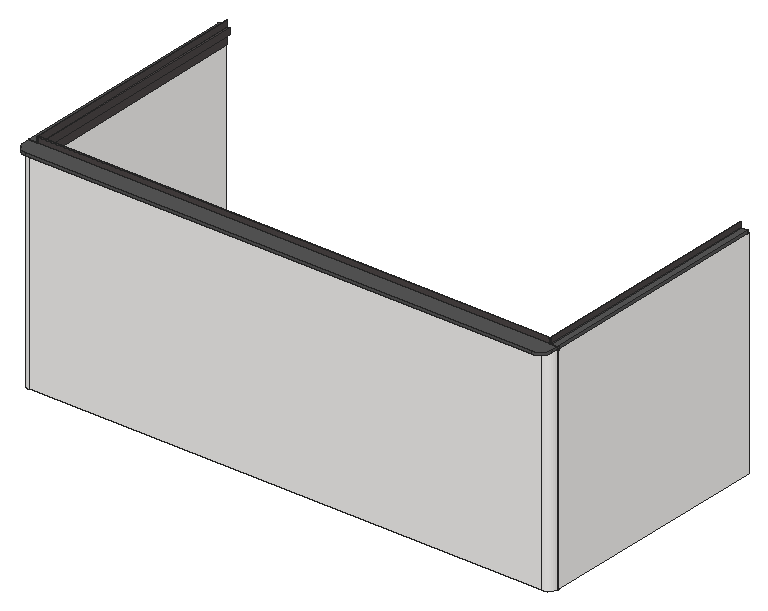
Revit family "vanity unit with 1 drawers for consoles with countertop basin ground", category Furniture, Revit 2019 (continued)
  Vanity unit 780_550 with 1 drawer for consoles with countertop basin ground-54054000-High Gloss White-CHROME-200 | "25.7" | no | no | no | no | no | no | no | no | no | no | no | no | no | no | no | no | no | no | no | no | no | no | no | no | no | no | no | no | no | no | no | no | no | no | no | no | no | no | no | no | no | no | no | no | no | no | no | yes | no | no | no | no | no | no | no | no | no | no | no | no | no | no | no | no | no | no | no | no | no | no | no | no | "CHROME" | "Surfaces:  - 54054000 Chrome - 54054670 Matt Black - 54054700 Matt White   Specification:  • consists of: vanity unit, 1 basic boxes set  • material body: medium density fiberboard (MDF)  • surface material body: thermofoil  • material front: medium density fiberboard (MDF)  • 1 drawer • without siphon cutout • opening type: full pull-out  • with handle bar • material handles: aluminium  • SoftClose, for gentle closing • wall-mounted • suitable for console, countertop basin ground • washbasin and console must be ordered separately" | "Worldwide" | "https://pro.hansgrohe.com/articledetail--54054000" | "54054XXX" | "High Gloss White" | "Vanity unit 780/550 with 1 drawer for consoles with countertop basin ground-54054000-High Gloss White-CHROME-200" | "Xelu Q Vanity unit High Gloss White 780/550 with 1 drawer for consoles with countertop basin ground" | "Vanity unit 780/550 with 1 drawer for consoles with countertop basin ground-54054000-High Gloss White-CHROME-200" | "{$CADENAS_DATA/23d-libs/hansgrohe/xelu_furniture/vanity_unit_with_1_drawer_for_consoles_countertop/vanityunit_1_drawers_for_consoles_countertop.prj},434 {VTYP=3D},{NB=Vanity unit 780/550 with 1 drawer for consoles with countertop basin ground-54054000-High Gloss White-CHROME-200},{LINA=Vanity unit 780/550 with 1 drawer for consoles with countertop basin ground-54054000-High Gloss White-CHROME-200},{NN=Vanity Unit with 1 Drawers for consoles with countertop basin ground},{DATE=13.03.2023 03:04:52},{GEOMDATE=08.03.2023 14:00:04},{VERSION=},{LINEID=20},{WBVAR=LODLEVEL},{WBNUMERIC=}  {NB=Vanity unit 780/550 with 1 drawer for consoles with countertop basin ground-54054000-High Gloss White-CHROME-200},{LINA=Vanity unit 780/550 with 1 drawer for consoles with countertop basin ground-54054000-High Gloss White-CHROME-200},{KT=DUMMY},{IDNR=2},{ARTNR=54054000},{BASENUMBER=Vanity unit 780/550 with 1 drawer for consoles with countertop basin ground},{MODEL=54054XXX},{OBERFLAECHE=High Gloss White},{SURFACE=CHROME},{L=780},{LODLEVEL=200},{LODLEVELX='400','400','200','200'},{NAME=Xelu Q Vanity unit High Gloss White 780/550 with 1 drawer for consoles with countertop basin ground},{PERMALINK=54054XXX},{OBJECTTYPE=Object (single object)},{BIMOBJECT=Sanitary: Compound units},{PRODUCTFAMILY=Xelu Q},{PRODUCTGROUP=vanity unit},{WEIGHT=25.7},{DESCRIPTION=Xelu Q Vanity unit High Gloss White 780/550 with 1 drawer for consoles with countertop basin ground},{SPECIFICATION=Surfaces:  - 54054000 Chrome - 54054670 Matt Black - 54054700 Matt White   Specification:  • consists of: vanity unit, 1 basic boxes set  • material body: medium density fiberboard (MDF)  • surface material body: thermofoil  • material front: medium density fiberboard (MDF)  • 1 drawer • without siphon cutout • opening type: full pull-out  • with handle bar • material handles: aluminium  • SoftClose, for gentle closing • wall-mounted • suitable for console, countertop basin ground • washbasin and console must be ordered separately},{PRODUCTURL=https://pro.hansgrohe.com/articledetail--54054000},{GTINCODE=4059625455937},{TENDERURL=},{IFC=Furnishing element},{ETIM=EC011381 | Bathroom furniture set},{UNICLASS2015=Pr_40_30_78_05 | Bathroom furniture},{OMNICLASS=23-21 19 15 33 13 | Residential Bathroom Specialty Casework},{MASTERFORMAT=12 35 30.23 | Bathroom Casework},{UNSPSC=56 | Furniture and Furnishings},{UNIFORMATII=E2010 | Fixed Furnishings},{REGIONSET=Worldwide},{DESIGN=Germany},{MANUFACTURER=Germany}" | "200" | "Vanity unit 780/550 with 1 drawer for consoles with countertop basin ground-54054000-High Gloss White-CHROME-200" | 780 | "4059625455937" | "Vanity unit 780/550 with 1 drawer for consoles with countertop basin ground" | "54054000"
  Vanity unit 780_550 with 1 drawer for consoles with countertop basin ground-54054000-High Gloss White-CHROME-400 | "25.7" | no | no | no | no | no | no | no | no | no | no | no | no | no | no | no | no | no | no | no | no | no | no | no | no | no | no | no | no | no | no | no | no | no | no | no | no | no | no | no | no | no | no | no | no | no | no | yes | no | no | no | no | no | no | no | no | no | no | no | no | no | no | no | no | no | no | no | no | no | no | no | no | no | "CHROME" | "Surfaces:  - 54054000 Chrome - 54054670 Matt Black - 54054700 Matt White   Specification:  • consists of: vanity unit, 1 basic boxes set  • material body: medium density fiberboard (MDF)  • surface material body: thermofoil  • material front: medium density fiberboard (MDF)  • 1 drawer • without siphon cutout • opening type: full pull-out  • with handle bar • material handles: aluminium  • SoftClose, for gentle closing • wall-mounted • suitable for console, countertop basin ground • washbasin and console must be ordered separately" | "Worldwide" | "https://pro.hansgrohe.com/articledetail--54054000" | "54054XXX" | "High Gloss White" | "Vanity unit 780/550 with 1 drawer for consoles with countertop basin ground-54054000-High Gloss White-CHROME-400" | "Xelu Q Vanity unit High Gloss White 780/550 with 1 drawer for consoles with countertop basin ground" | "Vanity unit 780/550 with 1 drawer for consoles with countertop basin ground-54054000-High Gloss White-CHROME-400" | "{$CADENAS_DATA/23d-libs/hansgrohe/xelu_furniture/vanity_unit_with_1_drawer_for_consoles_countertop/vanityunit_1_drawers_for_consoles_countertop.prj},434 {VTYP=3D},{NB=Vanity unit 780/550 with 1 drawer for consoles with countertop basin ground-54054000-High Gloss White-CHROME-400},{LINA=Vanity unit 780/550 with 1 drawer for consoles with countertop basin ground-54054000-High Gloss White-CHROME-400},{NN=Vanity Unit with 1 Drawers for consoles with countertop basin ground},{DATE=13.03.2023 03:04:52},{GEOMDATE=08.03.2023 14:00:04},{VERSION=},{LINEID=20},{WBVAR=LODLEVEL},{WBNUMERIC=}  {NB=Vanity unit 780/550 with 1 drawer for consoles with countertop basin ground-54054000-High Gloss White-CHROME-400},{LINA=Vanity unit 780/550 with 1 drawer for consoles with countertop basin ground-54054000-High Gloss White-CHROME-400},{KT=DUMMY},{IDNR=2},{ARTNR=54054000},{BASENUMBER=Vanity unit 780/550 with 1 drawer for consoles with countertop basin ground},{MODEL=54054XXX},{OBERFLAECHE=High Gloss White},{SURFACE=CHROME},{L=780},{LODLEVEL=400},{LODLEVELX='400','400','200','200'},{NAME=Xelu Q Vanity unit High Gloss White 780/550 with 1 drawer for consoles with countertop basin ground},{PERMALINK=54054XXX},{OBJECTTYPE=Object (single object)},{BIMOBJECT=Sanitary: Compound units},{PRODUCTFAMILY=Xelu Q},{PRODUCTGROUP=vanity unit},{WEIGHT=25.7},{DESCRIPTION=Xelu Q Vanity unit High Gloss White 780/550 with 1 drawer for consoles with countertop basin ground},{SPECIFICATION=Surfaces:  - 54054000 Chrome - 54054670 Matt Black - 54054700 Matt White   Specification:  • consists of: vanity unit, 1 basic boxes set  • material body: medium density fiberboard (MDF)  • surface material body: thermofoil  • material front: medium density fiberboard (MDF)  • 1 drawer • without siphon cutout • opening type: full pull-out  • with handle bar • material handles: aluminium  • SoftClose, for gentle closing • wall-mounted • suitable for console, countertop basin ground • washbasin and console must be ordered separately},{PRODUCTURL=https://pro.hansgrohe.com/articledetail--54054000},{GTINCODE=4059625455937},{TENDERURL=},{IFC=Furnishing element},{ETIM=EC011381 | Bathroom furniture set},{UNICLASS2015=Pr_40_30_78_05 | Bathroom furniture},{OMNICLASS=23-21 19 15 33 13 | Residential Bathroom Specialty Casework},{MASTERFORMAT=12 35 30.23 | Bathroom Casework},{UNSPSC=56 | Furniture and Furnishings},{UNIFORMATII=E2010 | Fixed Furnishings},{REGIONSET=Worldwide},{DESIGN=Germany},{MANUFACTURER=Germany}" | "400" | "Vanity unit 780/550 with 1 drawer for consoles with countertop basin ground-54054000-High Gloss White-CHROME-400" | 780 | "4059625455937" | "Vanity unit 780/550 with 1 drawer for consoles with countertop basin ground" | "54054000"
  Vanity unit 780_550 with 1 drawer for consoles with countertop basin ground-54054670-High Gloss White-MATT_BLACK-200 | "25.7" | no | no | no | no | no | no | no | no | no | no | no | no | no | no | no | no | no | no | no | no | no | no | no | no | no | no | no | no | no | no | no | no | no | no | no | no | no | no | no | no | no | no | no | no | no | yes | no | no | no | no | no | no | no | no | no | no | no | no | no | no | no | no | no | no | no | no | no | no | no | no | no | no | "MATT_BLACK" | "Surfaces:  - 54054000 Chrome - 54054670 Matt Black - 54054700 Matt White   Specification:  • consists of: vanity unit, 1 basic boxes set  • material body: medium density fiberboard (MDF)  • surface material body: thermofoil  • material front: medium density fiberboard (MDF)  • 1 drawer • without siphon cutout • opening type: full pull-out  • with handle bar • material handles: aluminium  • SoftClose, for gentle closing • wall-mounted • suitable for console, countertop basin ground • washbasin and console must be ordered separately" | "" | "https://pro.hansgrohe.com/articledetail--54054000" | "54054XXX" | "High Gloss White" | "Vanity unit 780/550 with 1 drawer for consoles with countertop basin ground-54054670-High Gloss White-MATT_BLACK-200" | "Xelu Q Vanity unit High Gloss White 780/550 with 1 drawer for consoles with countertop basin ground" | "Vanity unit 780/550 with 1 drawer for consoles with countertop basin ground-54054670-High Gloss White-MATT_BLACK-200" | "{$CADENAS_DATA/23d-libs/hansgrohe/xelu_furniture/vanity_unit_with_1_drawer_for_consoles_countertop/vanityunit_1_drawers_for_consoles_countertop.prj},442 {VTYP=3D},{NB=Vanity unit 780/550 with 1 drawer for consoles with countertop basin ground-54054670-High Gloss White-MATT_BLACK-200},{LINA=Vanity unit 780/550 with 1 drawer for consoles with countertop basin ground-54054670-High Gloss White-MATT_BLACK-200},{NN=Vanity Unit with 1 Drawers for consoles with countertop basin ground},{DATE=13.03.2023 03:04:52},{GEOMDATE=08.03.2023 14:00:04},{VERSION=},{LINEID=10},{WBVAR=LODLEVEL},{WBNUMERIC=}  {NB=Vanity unit 780/550 with 1 drawer for consoles with countertop basin ground-54054670-High Gloss White-MATT_BLACK-200},{LINA=Vanity unit 780/550 with 1 drawer for consoles with countertop basin ground-54054670-High Gloss White-MATT_BLACK-200},{KT=DUMMY},{IDNR=1},{ARTNR=54054670},{BASENUMBER=Vanity unit 780/550 with 1 drawer for consoles with countertop basin ground},{MODEL=54054XXX},{OBERFLAECHE=High Gloss White},{SURFACE=MATT_BLACK},{L=780},{LODLEVEL=200},{LODLEVELX='400','400','200','200'},{NAME=Xelu Q Vanity unit High Gloss White 780/550 with 1 drawer for consoles with countertop basin ground},{PERMALINK=54054XXX},{OBJECTTYPE=Object (single object)},{BIMOBJECT=Sanitary: Compound units},{PRODUCTFAMILY=Xelu Q},{PRODUCTGROUP=vanity unit},{WEIGHT=25.7},{DESCRIPTION=Xelu Q Vanity unit High Gloss White 780/550 with 1 drawer for consoles with countertop basin ground},{SPECIFICATION=Surfaces:  - 54054000 Chrome - 54054670 Matt Black - 54054700 Matt White   Specification:  • consists of: vanity unit, 1 basic boxes set  • material body: medium density fiberboard (MDF)  • surface material body: thermofoil  • material front: medium density fiberboard (MDF)  • 1 drawer • without siphon cutout • opening type: full pull-out  • with handle bar • material handles: aluminium  • SoftClose, for gentle closing • wall-mounted • suitable for console, countertop basin ground • washbasin and console must be ordered separately},{PRODUCTURL=https://pro.hansgrohe.com/articledetail--54054000},{GTINCODE=4059625455937},{TENDERURL=},{IFC=Furnishing element},{ETIM=EC011381 | Bathroom furniture set},{UNICLASS2015=Pr_40_30_78_05 | Bathroom furniture},{OMNICLASS=23-21 19 15 33 13 | Residential Bathroom Specialty Casework},{MASTERFORMAT=12 35 30.23 | Bathroom Casework},{UNSPSC=56 | Furniture and Furnishings},{UNIFORMATII=E2010 | Fixed Furnishings},{REGIONSET=},{DESIGN=Germany},{MANUFACTURER=Germany}" | "200" | "Vanity unit 780/550 with 1 drawer for consoles with countertop basin ground-54054670-High Gloss White-MATT_BLACK-200" | 780 | "4059625455937" | "Vanity unit 780/550 with 1 drawer for consoles with countertop basin ground" | "54054670"
  Vanity unit 780_550 with 1 drawer for consoles with countertop basin ground-54054670-High Gloss White-MATT_BLACK-400 | "25.7" | no | no | no | no | no | no | no | no | no | no | no | no | no | no | no | no | no | no | no | no | no | no | no | no | no | no | no | no | no | no | no | no | no | no | no | no | no | no | no | no | no | no | no | no | yes | no | no | no | no | no | no | no | no | no | no | no | no | no | no | no | no | no | no | no | no | no | no | no | no | no | no | no | "MATT_BLACK" | "Surfaces:  - 54054000 Chrome - 54054670 Matt Black - 54054700 Matt White   Specification:  • consists of: vanity unit, 1 basic boxes set  • material body: medium density fiberboard (MDF)  • surface material body: thermofoil  • material front: medium density fiberboard (MDF)  • 1 drawer • without siphon cutout • opening type: full pull-out  • with handle bar • material handles: aluminium  • SoftClose, for gentle closing • wall-mounted • suitable for console, countertop basin ground • washbasin and console must be ordered separately" | "" | "https://pro.hansgrohe.com/articledetail--54054000" | "54054XXX" | "High Gloss White" | "Vanity unit 780/550 with 1 drawer for consoles with countertop basin ground-54054670-High Gloss White-MATT_BLACK-400" | "Xelu Q Vanity unit High Gloss White 780/550 with 1 drawer for consoles with countertop basin ground" | "Vanity unit 780/550 with 1 drawer for consoles with countertop basin ground-54054670-High Gloss White-MATT_BLACK-400" | "{$CADENAS_DATA/23d-libs/hansgrohe/xelu_furniture/vanity_unit_with_1_drawer_for_consoles_countertop/vanityunit_1_drawers_for_consoles_countertop.prj},442 {VTYP=3D},{NB=Vanity unit 780/550 with 1 drawer for consoles with countertop basin ground-54054670-High Gloss White-MATT_BLACK-400},{LINA=Vanity unit 780/550 with 1 drawer for consoles with countertop basin ground-54054670-High Gloss White-MATT_BLACK-400},{NN=Vanity Unit with 1 Drawers for consoles with countertop basin ground},{DATE=13.03.2023 03:04:52},{GEOMDATE=08.03.2023 14:00:04},{VERSION=},{LINEID=10},{WBVAR=LODLEVEL},{WBNUMERIC=}  {NB=Vanity unit 780/550 with 1 drawer for consoles with countertop basin ground-54054670-High Gloss White-MATT_BLACK-400},{LINA=Vanity unit 780/550 with 1 drawer for consoles with countertop basin ground-54054670-High Gloss White-MATT_BLACK-400},{KT=DUMMY},{IDNR=1},{ARTNR=54054670},{BASENUMBER=Vanity unit 780/550 with 1 drawer for consoles with countertop basin ground},{MODEL=54054XXX},{OBERFLAECHE=High Gloss White},{SURFACE=MATT_BLACK},{L=780},{LODLEVEL=400},{LODLEVELX='400','400','200','200'},{NAME=Xelu Q Vanity unit High Gloss White 780/550 with 1 drawer for consoles with countertop basin ground},{PERMALINK=54054XXX},{OBJECTTYPE=Object (single object)},{BIMOBJECT=Sanitary: Compound units},{PRODUCTFAMILY=Xelu Q},{PRODUCTGROUP=vanity unit},{WEIGHT=25.7},{DESCRIPTION=Xelu Q Vanity unit High Gloss White 780/550 with 1 drawer for consoles with countertop basin ground},{SPECIFICATION=Surfaces:  - 54054000 Chrome - 54054670 Matt Black - 54054700 Matt White   Specification:  • consists of: vanity unit, 1 basic boxes set  • material body: medium density fiberboard (MDF)  • surface material body: thermofoil  • material front: medium density fiberboard (MDF)  • 1 drawer • without siphon cutout • opening type: full pull-out  • with handle bar • material handles: aluminium  • SoftClose, for gentle closing • wall-mounted • suitable for console, countertop basin ground • washbasin and console must be ordered separately},{PRODUCTURL=https://pro.hansgrohe.com/articledetail--54054000},{GTINCODE=4059625455937},{TENDERURL=},{IFC=Furnishing element},{ETIM=EC011381 | Bathroom furniture set},{UNICLASS2015=Pr_40_30_78_05 | Bathroom furniture},{OMNICLASS=23-21 19 15 33 13 | Residential Bathroom Specialty Casework},{MASTERFORMAT=12 35 30.23 | Bathroom Casework},{UNSPSC=56 | Furniture and Furnishings},{UNIFORMATII=E2010 | Fixed Furnishings},{REGIONSET=},{DESIGN=Germany},{MANUFACTURER=Germany}" | "400" | "Vanity unit 780/550 with 1 drawer for consoles with countertop basin ground-54054670-High Gloss White-MATT_BLACK-400" | 780 | "4059625455937" | "Vanity unit 780/550 with 1 drawer for consoles with countertop basin ground" | "54054670"
  Vanity unit 780_550 with 1 drawer for consoles with countertop basin ground-54054700-High Gloss White-MATT_WHITE-200 | "25.7" | no | no | no | no | no | no | no | no | no | no | no | no | no | no | no | no | no | no | no | no | no | no | no | no | no | no | no | no | no | no | no | no | no | no | no | no | no | no | no | no | no | no | no | yes | no | no | no | no | no | no | no | no | no | no | no | no | no | no | no | no | no | no | no | no | no | no | no | no | no | no | no | no | "MATT_WHITE" | "Surfaces:  - 54054000 Chrome - 54054670 Matt Black - 54054700 Matt White   Specification:  • consists of: vanity unit, 1 basic boxes set  • material body: medium density fiberboard (MDF)  • surface material body: thermofoil  • material front: medium density fiberboard (MDF)  • 1 drawer • without siphon cutout • opening type: full pull-out  • with handle bar • material handles: aluminium  • SoftClose, for gentle closing • wall-mounted • suitable for console, countertop basin ground • washbasin and console must be ordered separately" | "Worldwide" | "https://pro.hansgrohe.com/articledetail--54054000" | "54054XXX" | "High Gloss White" | "Vanity unit 780/550 with 1 drawer for consoles with countertop basin ground-54054700-High Gloss White-MATT_WHITE-200" | "Xelu Q Vanity unit High Gloss White 780/550 with 1 drawer for consoles with countertop basin ground" | "Vanity unit 780/550 with 1 drawer for consoles with countertop basin ground-54054700-High Gloss White-MATT_WHITE-200" | "{$CADENAS_DATA/23d-libs/hansgrohe/xelu_furniture/vanity_unit_with_1_drawer_for_consoles_countertop/vanityunit_1_drawers_for_consoles_countertop.prj},442 {VTYP=3D},{NB=Vanity unit 780/550 with 1 drawer for consoles with countertop basin ground-54054700-High Gloss White-MATT_WHITE-200},{LINA=Vanity unit 780/550 with 1 drawer for consoles with countertop basin ground-54054700-High Gloss White-MATT_WHITE-200},{NN=Vanity Unit with 1 Drawers for consoles with countertop basin ground},{DATE=13.03.2023 03:04:52},{GEOMDATE=08.03.2023 14:00:04},{VERSION=},{LINEID=30},{WBVAR=LODLEVEL},{WBNUMERIC=}  {NB=Vanity unit 780/550 with 1 drawer for consoles with countertop basin ground-54054700-High Gloss White-MATT_WHITE-200},{LINA=Vanity unit 780/550 with 1 drawer for consoles with countertop basin ground-54054700-High Gloss White-MATT_WHITE-200},{KT=DUMMY},{IDNR=3},{ARTNR=54054700},{BASENUMBER=Vanity unit 780/550 with 1 drawer for consoles with countertop basin ground},{MODEL=54054XXX},{OBERFLAECHE=High Gloss White},{SURFACE=MATT_WHITE},{L=780},{LODLEVEL=200},{LODLEVELX='400','400','200','200'},{NAME=Xelu Q Vanity unit High Gloss White 780/550 with 1 drawer for consoles with countertop basin ground},{PERMALINK=54054XXX},{OBJECTTYPE=Object (single object)},{BIMOBJECT=Sanitary: Compound units},{PRODUCTFAMILY=Xelu Q},{PRODUCTGROUP=vanity unit},{WEIGHT=25.7},{DESCRIPTION=Xelu Q Vanity unit High Gloss White 780/550 with 1 drawer for consoles with countertop basin ground},{SPECIFICATION=Surfaces:  - 54054000 Chrome - 54054670 Matt Black - 54054700 Matt White   Specification:  • consists of: vanity unit, 1 basic boxes set  • material body: medium density fiberboard (MDF)  • surface material body: thermofoil  • material front: medium density fiberboard (MDF)  • 1 drawer • without siphon cutout • opening type: full pull-out  • with handle bar • material handles: aluminium  • SoftClose, for gentle closing • wall-mounted • suitable for console, countertop basin ground • washbasin and console must be ordered separately},{PRODUCTURL=https://pro.hansgrohe.com/articledetail--54054000},{GTINCODE=4059625455937},{TENDERURL=},{IFC=Furnishing element},{ETIM=EC011381 | Bathroom furniture set},{UNICLASS2015=Pr_40_30_78_05 | Bathroom furniture},{OMNICLASS=23-21 19 15 33 13 | Residential Bathroom Specialty Casework},{MASTERFORMAT=12 35 30.23 | Bathroom Casework},{UNSPSC=56 | Furniture and Furnishings},{UNIFORMATII=E2010 | Fixed Furnishings},{REGIONSET=Worldwide},{DESIGN=Germany},{MANUFACTURER=Germany}" | "200" | "Vanity unit 780/550 with 1 drawer for consoles with countertop basin ground-54054700-High Gloss White-MATT_WHITE-200" | 780 | "4059625455937" | "Vanity unit 780/550 with 1 drawer for consoles with countertop basin ground" | "54054700"
  Vanity unit 780_550 with 1 drawer for consoles with countertop basin ground-54054700-High Gloss White-MATT_WHITE-400 | "25.7" | no | no | no | no | no | no | no | no | no | no | no | no | no | no | no | no | no | no | no | no | no | no | no | no | no | no | no | no | no | no | no | no | no | no | no | no | no | no | no | no | no | no | yes | no | no | no | no | no | no | no | no | no | no | no | no | no | no | no | no | no | no | no | no | no | no | no | no | no | no | no | no | no | "MATT_WHITE" | "Surfaces:  - 54054000 Chrome - 54054670 Matt Black - 54054700 Matt White   Specification:  • consists of: vanity unit, 1 basic boxes set  • material body: medium density fiberboard (MDF)  • surface material body: thermofoil  • material front: medium density fiberboard (MDF)  • 1 drawer • without siphon cutout • opening type: full pull-out  • with handle bar • material handles: aluminium  • SoftClose, for gentle closing • wall-mounted • suitable for console, countertop basin ground • washbasin and console must be ordered separately" | "Worldwide" | "https://pro.hansgrohe.com/articledetail--54054000" | "54054XXX" | "High Gloss White" | "Vanity unit 780/550 with 1 drawer for consoles with countertop basin ground-54054700-High Gloss White-MATT_WHITE-400" | "Xelu Q Vanity unit High Gloss White 780/550 with 1 drawer for consoles with countertop basin ground" | "Vanity unit 780/550 with 1 drawer for consoles with countertop basin ground-54054700-High Gloss White-MATT_WHITE-400" | "{$CADENAS_DATA/23d-libs/hansgrohe/xelu_furniture/vanity_unit_with_1_drawer_for_consoles_countertop/vanityunit_1_drawers_for_consoles_countertop.prj},442 {VTYP=3D},{NB=Vanity unit 780/550 with 1 drawer for consoles with countertop basin ground-54054700-High Gloss White-MATT_WHITE-400},{LINA=Vanity unit 780/550 with 1 drawer for consoles with countertop basin ground-54054700-High Gloss White-MATT_WHITE-400},{NN=Vanity Unit with 1 Drawers for consoles with countertop basin ground},{DATE=13.03.2023 03:04:52},{GEOMDATE=08.03.2023 14:00:04},{VERSION=},{LINEID=30},{WBVAR=LODLEVEL},{WBNUMERIC=}  {NB=Vanity unit 780/550 with 1 drawer for consoles with countertop basin ground-54054700-High Gloss White-MATT_WHITE-400},{LINA=Vanity unit 780/550 with 1 drawer for consoles with countertop basin ground-54054700-High Gloss White-MATT_WHITE-400},{KT=DUMMY},{IDNR=3},{ARTNR=54054700},{BASENUMBER=Vanity unit 780/550 with 1 drawer for consoles with countertop basin ground},{MODEL=54054XXX},{OBERFLAECHE=High Gloss White},{SURFACE=MATT_WHITE},{L=780},{LODLEVEL=400},{LODLEVELX='400','400','200','200'},{NAME=Xelu Q Vanity unit High Gloss White 780/550 with 1 drawer for consoles with countertop basin ground},{PERMALINK=54054XXX},{OBJECTTYPE=Object (single object)},{BIMOBJECT=Sanitary: Compound units},{PRODUCTFAMILY=Xelu Q},{PRODUCTGROUP=vanity unit},{WEIGHT=25.7},{DESCRIPTION=Xelu Q Vanity unit High Gloss White 780/550 with 1 drawer for consoles with countertop basin ground},{SPECIFICATION=Surfaces:  - 54054000 Chrome - 54054670 Matt Black - 54054700 Matt White   Specification:  • consists of: vanity unit, 1 basic boxes set  • material body: medium density fiberboard (MDF)  • surface material body: thermofoil  • material front: medium density fiberboard (MDF)  • 1 drawer • without siphon cutout • opening type: full pull-out  • with handle bar • material handles: aluminium  • SoftClose, for gentle closing • wall-mounted • suitable for console, countertop basin ground • washbasin and console must be ordered separately},{PRODUCTURL=https://pro.hansgrohe.com/articledetail--54054000},{GTINCODE=4059625455937},{TENDERURL=},{IFC=Furnishing element},{ETIM=EC011381 | Bathroom furniture set},{UNICLASS2015=Pr_40_30_78_05 | Bathroom furniture},{OMNICLASS=23-21 19 15 33 13 | Residential Bathroom Specialty Casework},{MASTERFORMAT=12 35 30.23 | Bathroom Casework},{UNSPSC=56 | Furniture and Furnishings},{UNIFORMATII=E2010 | Fixed Furnishings},{REGIONSET=Worldwide},{DESIGN=Germany},{MANUFACTURER=Germany}" | "400" | "Vanity unit 780/550 with 1 drawer for consoles with countertop basin ground-54054700-High Gloss White-MATT_WHITE-400" | 780 | "4059625455937" | "Vanity unit 780/550 with 1 drawer for consoles with countertop basin ground" | "54054700"
  Vanity unit 780_550 with 1 drawer for consoles with countertop basin ground-54055000-Diamond Matt Grey-CHROME-200 | "25.7" | no | no | no | no | no | no | no | no | no | no | no | no | no | no | no | no | no | no | no | no | no | no | no | no | no | no | no | no | no | no | no | no | no | no | no | no | no | no | no | no | no | yes | no | no | no | no | no | no | no | no | no | no | no | no | no | no | no | no | no | no | no | no | no | no | no | no | no | no | no | no | no | no | "CHROME" | "" | "Worldwide" | "https://pro.hansgrohe.com/articledetail--54055000" | "54055XXX" | "Diamond Matt Grey" | "Vanity unit 780/550 with 1 drawer for consoles with countertop basin ground-54055000-Diamond Matt Grey-CHROME-200" | "Xelu Q Vanity unit Diamond Matt Grey 780/550 with 1 drawer for consoles with countertop basin ground" | "Vanity unit 780/550 with 1 drawer for consoles with countertop basin ground-54055000-Diamond Matt Grey-CHROME-200" | "{$CADENAS_DATA/23d-libs/hansgrohe/xelu_furniture/vanity_unit_with_1_drawer_for_consoles_countertop/vanityunit_1_drawers_for_consoles_countertop.prj},436 {VTYP=3D},{NB=Vanity unit 780/550 with 1 drawer for consoles with countertop basin ground-54055000-Diamond Matt Grey-CHROME-200},{LINA=Vanity unit 780/550 with 1 drawer for consoles with countertop basin ground-54055000-Diamond Matt Grey-CHROME-200},{NN=Vanity Unit with 1 Drawers for consoles with countertop basin ground},{DATE=13.03.2023 03:04:52},{GEOMDATE=08.03.2023 14:00:04},{VERSION=},{LINEID=50},{WBVAR=LODLEVEL},{WBNUMERIC=}  {NB=Vanity unit 780/550 with 1 drawer for consoles with countertop basin ground-54055000-Diamond Matt Grey-CHROME-200},{LINA=Vanity unit 780/550 with 1 drawer for consoles with countertop basin ground-54055000-Diamond Matt Grey-CHROME-200},{KT=DUMMY},{IDNR=5},{ARTNR=54055000},{BASENUMBER=Vanity unit 780/550 with 1 drawer for consoles with countertop basin ground},{MODEL=54055XXX},{OBERFLAECHE=Diamond Matt Grey},{SURFACE=CHROME},{L=780},{LODLEVEL=200},{LODLEVELX='400','400','200','200'},{NAME=Xelu Q Vanity unit Diamond Matt Grey 780/550 with 1 drawer for consoles with countertop basin ground},{PERMALINK=54055XXX},{OBJECTTYPE=Object (single object)},{BIMOBJECT=Sanitary: Compound units},{PRODUCTFAMILY=Xelu Q},{PRODUCTGROUP=vanity unit},{WEIGHT=25.7},{DESCRIPTION=Xelu Q Vanity unit Diamond Matt Grey 780/550 with 1 drawer for consoles with countertop basin ground},{SPECIFICATION=},{PRODUCTURL=https://pro.hansgrohe.com/articledetail--54055000},{GTINCODE=4059625455906},{TENDERURL=},{IFC=Furnishing element},{ETIM=EC011381 | Bathroom furniture set},{UNICLASS2015=Pr_40_30_78_05 | Bathroom furniture},{OMNICLASS=23-21 19 15 33 13 | Residential Bathroom Specialty Casework},{MASTERFORMAT=12 35 30.23 | Bathroom Casework},{UNSPSC=56 | Furniture and Furnishings},{UNIFORMATII=E2010 | Fixed Furnishings},{REGIONSET=Worldwide},{DESIGN=Germany},{MANUFACTURER=Germany}" | "200" | "Vanity unit 780/550 with 1 drawer for consoles with countertop basin ground-54055000-Diamond Matt Grey-CHROME-200" | 780 | "4059625455906" | "Vanity unit 780/550 with 1 drawer for consoles with countertop basin ground" | "54055000"
  Vanity unit 780_550 with 1 drawer for consoles with countertop basin ground-54055000-Diamond Matt Grey-CHROME-400 | "25.7" | no | no | no | no | no | no | no | no | no | no | no | no | no | no | no | no | no | no | no | no | no | no | no | no | no | no | no | no | no | no | no | no | no | no | no | no | no | no | no | no | yes | no | no | no | no | no | no | no | no | no | no | no | no | no | no | no | no | no | no | no | no | no | no | no | no | no | no | no | no | no | no | no | "CHROME" | "" | "Worldwide" | "https://pro.hansgrohe.com/articledetail--54055000" | "54055XXX" | "Diamond Matt Grey" | "Vanity unit 780/550 with 1 drawer for consoles with countertop basin ground-54055000-Diamond Matt Grey-CHROME-400" | "Xelu Q Vanity unit Diamond Matt Grey 780/550 with 1 drawer for consoles with countertop basin ground" | "Vanity unit 780/550 with 1 drawer for consoles with countertop basin ground-54055000-Diamond Matt Grey-CHROME-400" | "{$CADENAS_DATA/23d-libs/hansgrohe/xelu_furniture/vanity_unit_with_1_drawer_for_consoles_countertop/vanityunit_1_drawers_for_consoles_countertop.prj},436 {VTYP=3D},{NB=Vanity unit 780/550 with 1 drawer for consoles with countertop basin ground-54055000-Diamond Matt Grey-CHROME-400},{LINA=Vanity unit 780/550 with 1 drawer for consoles with countertop basin ground-54055000-Diamond Matt Grey-CHROME-400},{NN=Vanity Unit with 1 Drawers for consoles with countertop basin ground},{DATE=13.03.2023 03:04:52},{GEOMDATE=08.03.2023 14:00:04},{VERSION=},{LINEID=50},{WBVAR=LODLEVEL},{WBNUMERIC=}  {NB=Vanity unit 780/550 with 1 drawer for consoles with countertop basin ground-54055000-Diamond Matt Grey-CHROME-400},{LINA=Vanity unit 780/550 with 1 drawer for consoles with countertop basin ground-54055000-Diamond Matt Grey-CHROME-400},{KT=DUMMY},{IDNR=5},{ARTNR=54055000},{BASENUMBER=Vanity unit 780/550 with 1 drawer for consoles with countertop basin ground},{MODEL=54055XXX},{OBERFLAECHE=Diamond Matt Grey},{SURFACE=CHROME},{L=780},{LODLEVEL=400},{LODLEVELX='400','400','200','200'},{NAME=Xelu Q Vanity unit Diamond Matt Grey 780/550 with 1 drawer for consoles with countertop basin ground},{PERMALINK=54055XXX},{OBJECTTYPE=Object (single object)},{BIMOBJECT=Sanitary: Compound units},{PRODUCTFAMILY=Xelu Q},{PRODUCTGROUP=vanity unit},{WEIGHT=25.7},{DESCRIPTION=Xelu Q Vanity unit Diamond Matt Grey 780/550 with 1 drawer for consoles with countertop basin ground},{SPECIFICATION=},{PRODUCTURL=https://pro.hansgrohe.com/articledetail--54055000},{GTINCODE=4059625455906},{TENDERURL=},{IFC=Furnishing element},{ETIM=EC011381 | Bathroom furniture set},{UNICLASS2015=Pr_40_30_78_05 | Bathroom furniture},{OMNICLASS=23-21 19 15 33 13 | Residential Bathroom Specialty Casework},{MASTERFORMAT=12 35 30.23 | Bathroom Casework},{UNSPSC=56 | Furniture and Furnishings},{UNIFORMATII=E2010 | Fixed Furnishings},{REGIONSET=Worldwide},{DESIGN=Germany},{MANUFACTURER=Germany}" | "400" | "Vanity unit 780/550 with 1 drawer for consoles with countertop basin ground-54055000-Diamond Matt Grey-CHROME-400" | 780 | "4059625455906" | "Vanity unit 780/550 with 1 drawer for consoles with countertop basin ground" | "54055000"
  Vanity unit 780_550 with 1 drawer for consoles with countertop basin ground-54055670-Diamond Matt Grey-MATT_BLACK-200 | "25.7" | no | no | no | no | no | no | no | no | no | no | no | no | no | no | no | no | no | no | no | no | no | no | no | no | no | no | no | no | no | no | no | no | no | no | no | no | no | no | no | yes | no | no | no | no | no | no | no | no | no | no | no | no | no | no | no | no | no | no | no | no | no | no | no | no | no | no | no | no | no | no | no | no | "MATT_BLACK" | "" | "Worldwide" | "https://pro.hansgrohe.com/articledetail--54055000" | "54055XXX" | "Diamond Matt Grey" | "Vanity unit 780/550 with 1 drawer for consoles with countertop basin ground-54055670-Diamond Matt Grey-MATT_BLACK-200" | "Xelu Q Vanity unit Diamond Matt Grey 780/550 with 1 drawer for consoles with countertop basin ground" | "Vanity unit 780/550 with 1 drawer for consoles with countertop basin ground-54055670-Diamond Matt Grey-MATT_BLACK-200" | "{$CADENAS_DATA/23d-libs/hansgrohe/xelu_furniture/vanity_unit_with_1_drawer_for_consoles_countertop/vanityunit_1_drawers_for_consoles_countertop.prj},444 {VTYP=3D},{NB=Vanity unit 780/550 with 1 drawer for consoles with countertop basin ground-54055670-Diamond Matt Grey-MATT_BLACK-200},{LINA=Vanity unit 780/550 with 1 drawer for consoles with countertop basin ground-54055670-Diamond Matt Grey-MATT_BLACK-200},{NN=Vanity Unit with 1 Drawers for consoles with countertop basin ground},{DATE=13.03.2023 03:04:52},{GEOMDATE=08.03.2023 14:00:04},{VERSION=},{LINEID=40},{WBVAR=LODLEVEL},{WBNUMERIC=}  {NB=Vanity unit 780/550 with 1 drawer for consoles with countertop basin ground-54055670-Diamond Matt Grey-MATT_BLACK-200},{LINA=Vanity unit 780/550 with 1 drawer for consoles with countertop basin ground-54055670-Diamond Matt Grey-MATT_BLACK-200},{KT=DUMMY},{IDNR=4},{ARTNR=54055670},{BASENUMBER=Vanity unit 780/550 with 1 drawer for consoles with countertop basin ground},{MODEL=54055XXX},{OBERFLAECHE=Diamond Matt Grey},{SURFACE=MATT_BLACK},{L=780},{LODLEVEL=200},{LODLEVELX='400','400','200','200'},{NAME=Xelu Q Vanity unit Diamond Matt Grey 780/550 with 1 drawer for consoles with countertop basin ground},{PERMALINK=54055XXX},{OBJECTTYPE=Object (single object)},{BIMOBJECT=Sanitary: Compound units},{PRODUCTFAMILY=Xelu Q},{PRODUCTGROUP=vanity unit},{WEIGHT=25.7},{DESCRIPTION=Xelu Q Vanity unit Diamond Matt Grey 780/550 with 1 drawer for consoles with countertop basin ground},{SPECIFICATION=},{PRODUCTURL=https://pro.hansgrohe.com/articledetail--54055000},{GTINCODE=4059625455906},{TENDERURL=},{IFC=Furnishing element},{ETIM=EC011381 | Bathroom furniture set},{UNICLASS2015=Pr_40_30_78_05 | Bathroom furniture},{OMNICLASS=23-21 19 15 33 13 | Residential Bathroom Specialty Casework},{MASTERFORMAT=12 35 30.23 | Bathroom Casework},{UNSPSC=56 | Furniture and Furnishings},{UNIFORMATII=E2010 | Fixed Furnishings},{REGIONSET=Worldwide},{DESIGN=Germany},{MANUFACTURER=Germany}" | "200" | "Vanity unit 780/550 with 1 drawer for consoles with countertop basin ground-54055670-Diamond Matt Grey-MATT_BLACK-200" | 780 | "4059625455906" | "Vanity unit 780/550 with 1 drawer for consoles with countertop basin ground" | "54055670"
  Vanity unit 780_550 with 1 drawer for consoles with countertop basin ground-54055670-Diamond Matt Grey-MATT_BLACK-400 | "25.7" | no | no | no | no | no | no | no | no | no | no | no | no | no | no | no | no | no | no | no | no | no | no | no | no | no | no | no | no | no | no | no | no | no | no | no | no | no | no | yes | no | no | no | no | no | no | no | no | no | no | no | no | no | no | no | no | no | no | no | no | no | no | no | no | no | no | no | no | no | no | no | no | no | "MATT_BLACK" | "" | "Worldwide" | "https://pro.hansgrohe.com/articledetail--54055000" | "54055XXX" | "Diamond Matt Grey" | "Vanity unit 780/550 with 1 drawer for consoles with countertop basin ground-54055670-Diamond Matt Grey-MATT_BLACK-400" | "Xelu Q Vanity unit Diamond Matt Grey 780/550 with 1 drawer for consoles with countertop basin ground" | "Vanity unit 780/550 with 1 drawer for consoles with countertop basin ground-54055670-Diamond Matt Grey-MATT_BLACK-400" | "{$CADENAS_DATA/23d-libs/hansgrohe/xelu_furniture/vanity_unit_with_1_drawer_for_consoles_countertop/vanityunit_1_drawers_for_consoles_countertop.prj},444 {VTYP=3D},{NB=Vanity unit 780/550 with 1 drawer for consoles with countertop basin ground-54055670-Diamond Matt Grey-MATT_BLACK-400},{LINA=Vanity unit 780/550 with 1 drawer for consoles with countertop basin ground-54055670-Diamond Matt Grey-MATT_BLACK-400},{NN=Vanity Unit with 1 Drawers for consoles with countertop basin ground},{DATE=13.03.2023 03:04:52},{GEOMDATE=08.03.2023 14:00:04},{VERSION=},{LINEID=40},{WBVAR=LODLEVEL},{WBNUMERIC=}  {NB=Vanity unit 780/550 with 1 drawer for consoles with countertop basin ground-54055670-Diamond Matt Grey-MATT_BLACK-400},{LINA=Vanity unit 780/550 with 1 drawer for consoles with countertop basin ground-54055670-Diamond Matt Grey-MATT_BLACK-400},{KT=DUMMY},{IDNR=4},{ARTNR=54055670},{BASENUMBER=Vanity unit 780/550 with 1 drawer for consoles with countertop basin ground},{MODEL=54055XXX},{OBERFLAECHE=Diamond Matt Grey},{SURFACE=MATT_BLACK},{L=780},{LODLEVEL=400},{LODLEVELX='400','400','200','200'},{NAME=Xelu Q Vanity unit Diamond Matt Grey 780/550 with 1 drawer for consoles with countertop basin ground},{PERMALINK=54055XXX},{OBJECTTYPE=Object (single object)},{BIMOBJECT=Sanitary: Compound units},{PRODUCTFAMILY=Xelu Q},{PRODUCTGROUP=vanity unit},{WEIGHT=25.7},{DESCRIPTION=Xelu Q Vanity unit Diamond Matt Grey 780/550 with 1 drawer for consoles with countertop basin ground},{SPECIFICATION=},{PRODUCTURL=https://pro.hansgrohe.com/articledetail--54055000},{GTINCODE=4059625455906},{TENDERURL=},{IFC=Furnishing element},{ETIM=EC011381 | Bathroom furniture set},{UNICLASS2015=Pr_40_30_78_05 | Bathroom furniture},{OMNICLASS=23-21 19 15 33 13 | Residential Bathroom Specialty Casework},{MASTERFORMAT=12 35 30.23 | Bathroom Casework},{UNSPSC=56 | Furniture and Furnishings},{UNIFORMATII=E2010 | Fixed Furnishings},{REGIONSET=Worldwide},{DESIGN=Germany},{MANUFACTURER=Germany}" | "400" | "Vanity unit 780/550 with 1 drawer for consoles with countertop basin ground-54055670-Diamond Matt Grey-MATT_BLACK-400" | 780 | "4059625455906" | "Vanity unit 780/550 with 1 drawer for consoles with countertop basin ground" | "54055670"
  Vanity unit 780_550 with 1 drawer for consoles with countertop basin ground-54055700-Diamond Matt Grey-MATT_WHITE-200 | "25.7" | no | no | no | no | no | no | no | no | no | no | no | no | no | no | no | no | no | no | no | no | no | no | no | no | no | no | no | no | no | no | no | no | no | no | no | no | no | yes | no | no | no | no | no | no | no | no | no | no | no | no | no | no | no | no | no | no | no | no | no | no | no | no | no | no | no | no | no | no | no | no | no | no | "MATT_WHITE" | "" | "Worldwide" | "https://pro.hansgrohe.com/articledetail--54055000" | "54055XXX" | "Diamond Matt Grey" | "Vanity unit 780/550 with 1 drawer for consoles with countertop basin ground-54055700-Diamond Matt Grey-MATT_WHITE-200" | "Xelu Q Vanity unit Diamond Matt Grey 780/550 with 1 drawer for consoles with countertop basin ground" | "Vanity unit 780/550 with 1 drawer for consoles with countertop basin ground-54055700-Diamond Matt Grey-MATT_WHITE-200" | "{$CADENAS_DATA/23d-libs/hansgrohe/xelu_furniture/vanity_unit_with_1_drawer_for_consoles_countertop/vanityunit_1_drawers_for_consoles_countertop.prj},444 {VTYP=3D},{NB=Vanity unit 780/550 with 1 drawer for consoles with countertop basin ground-54055700-Diamond Matt Grey-MATT_WHITE-200},{LINA=Vanity unit 780/550 with 1 drawer for consoles with countertop basin ground-54055700-Diamond Matt Grey-MATT_WHITE-200},{NN=Vanity Unit with 1 Drawers for consoles with countertop basin ground},{DATE=13.03.2023 03:04:52},{GEOMDATE=08.03.2023 14:00:04},{VERSION=},{LINEID=60},{WBVAR=LODLEVEL},{WBNUMERIC=}  {NB=Vanity unit 780/550 with 1 drawer for consoles with countertop basin ground-54055700-Diamond Matt Grey-MATT_WHITE-200},{LINA=Vanity unit 780/550 with 1 drawer for consoles with countertop basin ground-54055700-Diamond Matt Grey-MATT_WHITE-200},{KT=DUMMY},{IDNR=6},{ARTNR=54055700},{BASENUMBER=Vanity unit 780/550 with 1 drawer for consoles with countertop basin ground},{MODEL=54055XXX},{OBERFLAECHE=Diamond Matt Grey},{SURFACE=MATT_WHITE},{L=780},{LODLEVEL=200},{LODLEVELX='400','400','200','200'},{NAME=Xelu Q Vanity unit Diamond Matt Grey 780/550 with 1 drawer for consoles with countertop basin ground},{PERMALINK=54055XXX},{OBJECTTYPE=Object (single object)},{BIMOBJECT=Sanitary: Compound units},{PRODUCTFAMILY=Xelu Q},{PRODUCTGROUP=vanity unit},{WEIGHT=25.7},{DESCRIPTION=Xelu Q Vanity unit Diamond Matt Grey 780/550 with 1 drawer for consoles with countertop basin ground},{SPECIFICATION=},{PRODUCTURL=https://pro.hansgrohe.com/articledetail--54055000},{GTINCODE=4059625455906},{TENDERURL=},{IFC=Furnishing element},{ETIM=EC011381 | Bathroom furniture set},{UNICLASS2015=Pr_40_30_78_05 | Bathroom furniture},{OMNICLASS=23-21 19 15 33 13 | Residential Bathroom Specialty Casework},{MASTERFORMAT=12 35 30.23 | Bathroom Casework},{UNSPSC=56 | Furniture and Furnishings},{UNIFORMATII=E2010 | Fixed Furnishings},{REGIONSET=Worldwide},{DESIGN=Germany},{MANUFACTURER=Germany}" | "200" | "Vanity unit 780/550 with 1 drawer for consoles with countertop basin ground-54055700-Diamond Matt Grey-MATT_WHITE-200" | 780 | "4059625455906" | "Vanity unit 780/550 with 1 drawer for consoles with countertop basin ground" | "54055700"
  Vanity unit 780_550 with 1 drawer for consoles with countertop basin ground-54055700-Diamond Matt Grey-MATT_WHITE-400 | "25.7" | no | no | no | no | no | no | no | no | no | no | no | no | no | no | no | no | no | no | no | no | no | no | no | no | no | no | no | no | no | no | no | no | no | no | no | no | yes | no | no | no | no | no | no | no | no | no | no | no | no | no | no | no | no | no | no | no | no | no | no | no | no | no | no | no | no | no | no | no | no | no | no | no | "MATT_WHITE" | "" | "Worldwide" | "https://pro.hansgrohe.com/articledetail--54055000" | "54055XXX" | "Diamond Matt Grey" | "Vanity unit 780/550 with 1 drawer for consoles with countertop basin ground-54055700-Diamond Matt Grey-MATT_WHITE-400" | "Xelu Q Vanity unit Diamond Matt Grey 780/550 with 1 drawer for consoles with countertop basin ground" | "Vanity unit 780/550 with 1 drawer for consoles with countertop basin ground-54055700-Diamond Matt Grey-MATT_WHITE-400" | "{$CADENAS_DATA/23d-libs/hansgrohe/xelu_furniture/vanity_unit_with_1_drawer_for_consoles_countertop/vanityunit_1_drawers_for_consoles_countertop.prj},444 {VTYP=3D},{NB=Vanity unit 780/550 with 1 drawer for consoles with countertop basin ground-54055700-Diamond Matt Grey-MATT_WHITE-400},{LINA=Vanity unit 780/550 with 1 drawer for consoles with countertop basin ground-54055700-Diamond Matt Grey-MATT_WHITE-400},{NN=Vanity Unit with 1 Drawers for consoles with countertop basin ground},{DATE=13.03.2023 03:04:52},{GEOMDATE=08.03.2023 14:00:04},{VERSION=},{LINEID=60},{WBVAR=LODLEVEL},{WBNUMERIC=}  {NB=Vanity unit 780/550 with 1 drawer for consoles with countertop basin ground-54055700-Diamond Matt Grey-MATT_WHITE-400},{LINA=Vanity unit 780/550 with 1 drawer for consoles with countertop basin ground-54055700-Diamond Matt Grey-MATT_WHITE-400},{KT=DUMMY},{IDNR=6},{ARTNR=54055700},{BASENUMBER=Vanity unit 780/550 with 1 drawer for consoles with countertop basin ground},{MODEL=54055XXX},{OBERFLAECHE=Diamond Matt Grey},{SURFACE=MATT_WHITE},{L=780},{LODLEVEL=400},{LODLEVELX='400','400','200','200'},{NAME=Xelu Q Vanity unit Diamond Matt Grey 780/550 with 1 drawer for consoles with countertop basin ground},{PERMALINK=54055XXX},{OBJECTTYPE=Object (single object)},{BIMOBJECT=Sanitary: Compound units},{PRODUCTFAMILY=Xelu Q},{PRODUCTGROUP=vanity unit},{WEIGHT=25.7},{DESCRIPTION=Xelu Q Vanity unit Diamond Matt Grey 780/550 with 1 drawer for consoles with countertop basin ground},{SPECIFICATION=},{PRODUCTURL=https://pro.hansgrohe.com/articledetail--54055000},{GTINCODE=4059625455906},{TENDERURL=},{IFC=Furnishing element},{ETIM=EC011381 | Bathroom furniture set},{UNICLASS2015=Pr_40_30_78_05 | Bathroom furniture},{OMNICLASS=23-21 19 15 33 13 | Residential Bathroom Specialty Casework},{MASTERFORMAT=12 35 30.23 | Bathroom Casework},{UNSPSC=56 | Furniture and Furnishings},{UNIFORMATII=E2010 | Fixed Furnishings},{REGIONSET=Worldwide},{DESIGN=Germany},{MANUFACTURER=Germany}" | "400" | "Vanity unit 780/550 with 1 drawer for consoles with countertop basin ground-54055700-Diamond Matt Grey-MATT_WHITE-400" | 780 | "4059625455906" | "Vanity unit 780/550 with 1 drawer for consoles with countertop basin ground" | "54055700"
  Vanity unit 780_550 with 1 drawer for consoles with countertop basin ground-54056000-Natural Oak-CHROME-200 | "25.7" | no | no | no | no | no | no | no | no | no | no | no | no | no | no | no | no | no | no | no | no | no | no | no | no | no | no | no | no | no | no | no | no | no | no | no | yes | no | no | no | no | no | no | no | no | no | no | no | no | no | no | no | no | no | no | no | no | no | no | no | no | no | no | no | no | no | no | no | no | no | no | no | no | "CHROME" | "" | "Worldwide" | "https://pro.hansgrohe.com/articledetail--54056000" | "54056XXX" | "Natural Oak" | "Vanity unit 780/550 with 1 drawer for consoles with countertop basin ground-54056000-Natural Oak-CHROME-200" | "Xelu Q Vanity unit Natural Oak 780/550 with 1 drawer for consoles with countertop basin ground" | "Vanity unit 780/550 with 1 drawer for consoles with countertop basin ground-54056000-Natural Oak-CHROME-200" | "{$CADENAS_DATA/23d-libs/hansgrohe/xelu_furniture/vanity_unit_with_1_drawer_for_consoles_countertop/vanityunit_1_drawers_for_consoles_countertop.prj},424 {VTYP=3D},{NB=Vanity unit 780/550 with 1 drawer for consoles with countertop basin ground-54056000-Natural Oak-CHROME-200},{LINA=Vanity unit 780/550 with 1 drawer for consoles with countertop basin ground-54056000-Natural Oak-CHROME-200},{NN=Vanity Unit with 1 Drawers for consoles with countertop basin ground},{DATE=13.03.2023 03:04:52},{GEOMDATE=08.03.2023 14:00:04},{VERSION=},{LINEID=90},{WBVAR=LODLEVEL},{WBNUMERIC=}  {NB=Vanity unit 780/550 with 1 drawer for consoles with countertop basin ground-54056000-Natural Oak-CHROME-200},{LINA=Vanity unit 780/550 with 1 drawer for consoles with countertop basin ground-54056000-Natural Oak-CHROME-200},{KT=DUMMY},{IDNR=9},{ARTNR=54056000},{BASENUMBER=Vanity unit 780/550 with 1 drawer for consoles with countertop basin ground},{MODEL=54056XXX},{OBERFLAECHE=Natural Oak},{SURFACE=CHROME},{L=780},{LODLEVEL=200},{LODLEVELX='400','400','200','200'},{NAME=Xelu Q Vanity unit Natural Oak 780/550 with 1 drawer for consoles with countertop basin ground},{PERMALINK=54056XXX},{OBJECTTYPE=Object (single object)},{BIMOBJECT=Sanitary: Compound units},{PRODUCTFAMILY=Xelu Q},{PRODUCTGROUP=vanity unit},{WEIGHT=25.7},{DESCRIPTION=Xelu Q Vanity unit Natural Oak 780/550 with 1 drawer for consoles with countertop basin ground},{SPECIFICATION=},{PRODUCTURL=https://pro.hansgrohe.com/articledetail--54056000},{GTINCODE=4059625455876},{TENDERURL=},{IFC=Furnishing element},{ETIM=EC011381 | Bathroom furniture set},{UNICLASS2015=Pr_40_30_78_05 | Bathroom furniture},{OMNICLASS=23-21 19 15 33 13 | Residential Bathroom Specialty Casework},{MASTERFORMAT=12 35 30.23 | Bathroom Casework},{UNSPSC=56 | Furniture and Furnishings},{UNIFORMATII=E2010 | Fixed Furnishings},{REGIONSET=Worldwide},{DESIGN=Germany},{MANUFACTURER=Germany}" | "200" | "Vanity unit 780/550 with 1 drawer for consoles with countertop basin ground-54056000-Natural Oak-CHROME-200" | 780 | "4059625455876" | "Vanity unit 780/550 with 1 drawer for consoles with countertop basin ground" | "54056000"
  Vanity unit 780_550 with 1 drawer for consoles with countertop basin ground-54056000-Natural Oak-CHROME-400 | "25.7" | no | no | no | no | no | no | no | no | no | no | no | no | no | no | no | no | no | no | no | no | no | no | no | no | no | no | no | no | no | no | no | no | no | no | yes | no | no | no | no | no | no | no | no | no | no | no | no | no | no | no | no | no | no | no | no | no | no | no | no | no | no | no | no | no | no | no | no | no | no | no | no | no | "CHROME" | "" | "Worldwide" | "https://pro.hansgrohe.com/articledetail--54056000" | "54056XXX" | "Natural Oak" | "Vanity unit 780/550 with 1 drawer for consoles with countertop basin ground-54056000-Natural Oak-CHROME-400" | "Xelu Q Vanity unit Natural Oak 780/550 with 1 drawer for consoles with countertop basin ground" | "Vanity unit 780/550 with 1 drawer for consoles with countertop basin ground-54056000-Natural Oak-CHROME-400" | "{$CADENAS_DATA/23d-libs/hansgrohe/xelu_furniture/vanity_unit_with_1_drawer_for_consoles_countertop/vanityunit_1_drawers_for_consoles_countertop.prj},424 {VTYP=3D},{NB=Vanity unit 780/550 with 1 drawer for consoles with countertop basin ground-54056000-Natural Oak-CHROME-400},{LINA=Vanity unit 780/550 with 1 drawer for consoles with countertop basin ground-54056000-Natural Oak-CHROME-400},{NN=Vanity Unit with 1 Drawers for consoles with countertop basin ground},{DATE=13.03.2023 03:04:52},{GEOMDATE=08.03.2023 14:00:04},{VERSION=},{LINEID=90},{WBVAR=LODLEVEL},{WBNUMERIC=}  {NB=Vanity unit 780/550 with 1 drawer for consoles with countertop basin ground-54056000-Natural Oak-CHROME-400},{LINA=Vanity unit 780/550 with 1 drawer for consoles with countertop basin ground-54056000-Natural Oak-CHROME-400},{KT=DUMMY},{IDNR=9},{ARTNR=54056000},{BASENUMBER=Vanity unit 780/550 with 1 drawer for consoles with countertop basin ground},{MODEL=54056XXX},{OBERFLAECHE=Natural Oak},{SURFACE=CHROME},{L=780},{LODLEVEL=400},{LODLEVELX='400','400','200','200'},{NAME=Xelu Q Vanity unit Natural Oak 780/550 with 1 drawer for consoles with countertop basin ground},{PERMALINK=54056XXX},{OBJECTTYPE=Object (single object)},{BIMOBJECT=Sanitary: Compound units},{PRODUCTFAMILY=Xelu Q},{PRODUCTGROUP=vanity unit},{WEIGHT=25.7},{DESCRIPTION=Xelu Q Vanity unit Natural Oak 780/550 with 1 drawer for consoles with countertop basin ground},{SPECIFICATION=},{PRODUCTURL=https://pro.hansgrohe.com/articledetail--54056000},{GTINCODE=4059625455876},{TENDERURL=},{IFC=Furnishing element},{ETIM=EC011381 | Bathroom furniture set},{UNICLASS2015=Pr_40_30_78_05 | Bathroom furniture},{OMNICLASS=23-21 19 15 33 13 | Residential Bathroom Specialty Casework},{MASTERFORMAT=12 35 30.23 | Bathroom Casework},{UNSPSC=56 | Furniture and Furnishings},{UNIFORMATII=E2010 | Fixed Furnishings},{REGIONSET=Worldwide},{DESIGN=Germany},{MANUFACTURER=Germany}" | "400" | "Vanity unit 780/550 with 1 drawer for consoles with countertop basin ground-54056000-Natural Oak-CHROME-400" | 780 | "4059625455876" | "Vanity unit 780/550 with 1 drawer for consoles with countertop basin ground" | "54056000"
  Vanity unit 780_550 with 1 drawer for consoles with countertop basin ground-54056670-Natural Oak-MATT_BLACK-200 | "25.7" | no | no | no | no | no | no | no | no | no | no | no | no | no | no | no | no | no | no | no | no | no | no | no | no | no | no | no | no | no | no | no | no | no | yes | no | no | no | no | no | no | no | no | no | no | no | no | no | no | no | no | no | no | no | no | no | no | no | no | no | no | no | no | no | no | no | no | no | no | no | no | no | no | "MATT_BLACK" | "" | "Worldwide" | "https://pro.hansgrohe.com/articledetail--54056000" | "54056XXX" | "Natural Oak" | "Vanity unit 780/550 with 1 drawer for consoles with countertop basin ground-54056670-Natural Oak-MATT_BLACK-200" | "Xelu Q Vanity unit Natural Oak 780/550 with 1 drawer for consoles with countertop basin ground" | "Vanity unit 780/550 with 1 drawer for consoles with countertop basin ground-54056670-Natural Oak-MATT_BLACK-200" | "{$CADENAS_DATA/23d-libs/hansgrohe/xelu_furniture/vanity_unit_with_1_drawer_for_consoles_countertop/vanityunit_1_drawers_for_consoles_countertop.prj},432 {VTYP=3D},{NB=Vanity unit 780/550 with 1 drawer for consoles with countertop basin ground-54056670-Natural Oak-MATT_BLACK-200},{LINA=Vanity unit 780/550 with 1 drawer for consoles with countertop basin ground-54056670-Natural Oak-MATT_BLACK-200},{NN=Vanity Unit with 1 Drawers for consoles with countertop basin ground},{DATE=13.03.2023 03:04:52},{GEOMDATE=08.03.2023 14:00:04},{VERSION=},{LINEID=70},{WBVAR=LODLEVEL},{WBNUMERIC=}  {NB=Vanity unit 780/550 with 1 drawer for consoles with countertop basin ground-54056670-Natural Oak-MATT_BLACK-200},{LINA=Vanity unit 780/550 with 1 drawer for consoles with countertop basin ground-54056670-Natural Oak-MATT_BLACK-200},{KT=DUMMY},{IDNR=7},{ARTNR=54056670},{BASENUMBER=Vanity unit 780/550 with 1 drawer for consoles with countertop basin ground},{MODEL=54056XXX},{OBERFLAECHE=Natural Oak},{SURFACE=MATT_BLACK},{L=780},{LODLEVEL=200},{LODLEVELX='400','400','200','200'},{NAME=Xelu Q Vanity unit Natural Oak 780/550 with 1 drawer for consoles with countertop basin ground},{PERMALINK=54056XXX},{OBJECTTYPE=Object (single object)},{BIMOBJECT=Sanitary: Compound units},{PRODUCTFAMILY=Xelu Q},{PRODUCTGROUP=vanity unit},{WEIGHT=25.7},{DESCRIPTION=Xelu Q Vanity unit Natural Oak 780/550 with 1 drawer for consoles with countertop basin ground},{SPECIFICATION=},{PRODUCTURL=https://pro.hansgrohe.com/articledetail--54056000},{GTINCODE=4059625455876},{TENDERURL=},{IFC=Furnishing element},{ETIM=EC011381 | Bathroom furniture set},{UNICLASS2015=Pr_40_30_78_05 | Bathroom furniture},{OMNICLASS=23-21 19 15 33 13 | Residential Bathroom Specialty Casework},{MASTERFORMAT=12 35 30.23 | Bathroom Casework},{UNSPSC=56 | Furniture and Furnishings},{UNIFORMATII=E2010 | Fixed Furnishings},{REGIONSET=Worldwide},{DESIGN=Germany},{MANUFACTURER=Germany}" | "200" | "Vanity unit 780/550 with 1 drawer for consoles with countertop basin ground-54056670-Natural Oak-MATT_BLACK-200" | 780 | "4059625455876" | "Vanity unit 780/550 with 1 drawer for consoles with countertop basin ground" | "54056670"
  Vanity unit 780_550 with 1 drawer for consoles with countertop basin ground-54056670-Natural Oak-MATT_BLACK-400 | "25.7" | no | no | no | no | no | no | no | no | no | no | no | no | no | no | no | no | no | no | no | no | no | no | no | no | no | no | no | no | no | no | no | no | yes | no | no | no | no | no | no | no | no | no | no | no | no | no | no | no | no | no | no | no | no | no | no | no | no | no | no | no | no | no | no | no | no | no | no | no | no | no | no | no | "MATT_BLACK" | "" | "Worldwide" | "https://pro.hansgrohe.com/articledetail--54056000" | "54056XXX" | "Natural Oak" | "Vanity unit 780/550 with 1 drawer for consoles with countertop basin ground-54056670-Natural Oak-MATT_BLACK-400" | "Xelu Q Vanity unit Natural Oak 780/550 with 1 drawer for consoles with countertop basin ground" | "Vanity unit 780/550 with 1 drawer for consoles with countertop basin ground-54056670-Natural Oak-MATT_BLACK-400" | "{$CADENAS_DATA/23d-libs/hansgrohe/xelu_furniture/vanity_unit_with_1_drawer_for_consoles_countertop/vanityunit_1_drawers_for_consoles_countertop.prj},432 {VTYP=3D},{NB=Vanity unit 780/550 with 1 drawer for consoles with countertop basin ground-54056670-Natural Oak-MATT_BLACK-400},{LINA=Vanity unit 780/550 with 1 drawer for consoles with countertop basin ground-54056670-Natural Oak-MATT_BLACK-400},{NN=Vanity Unit with 1 Drawers for consoles with countertop basin ground},{DATE=13.03.2023 03:04:52},{GEOMDATE=08.03.2023 14:00:04},{VERSION=},{LINEID=70},{WBVAR=LODLEVEL},{WBNUMERIC=}  {NB=Vanity unit 780/550 with 1 drawer for consoles with countertop basin ground-54056670-Natural Oak-MATT_BLACK-400},{LINA=Vanity unit 780/550 with 1 drawer for consoles with countertop basin ground-54056670-Natural Oak-MATT_BLACK-400},{KT=DUMMY},{IDNR=7},{ARTNR=54056670},{BASENUMBER=Vanity unit 780/550 with 1 drawer for consoles with countertop basin ground},{MODEL=54056XXX},{OBERFLAECHE=Natural Oak},{SURFACE=MATT_BLACK},{L=780},{LODLEVEL=400},{LODLEVELX='400','400','200','200'},{NAME=Xelu Q Vanity unit Natural Oak 780/550 with 1 drawer for consoles with countertop basin ground},{PERMALINK=54056XXX},{OBJECTTYPE=Object (single object)},{BIMOBJECT=Sanitary: Compound units},{PRODUCTFAMILY=Xelu Q},{PRODUCTGROUP=vanity unit},{WEIGHT=25.7},{DESCRIPTION=Xelu Q Vanity unit Natural Oak 780/550 with 1 drawer for consoles with countertop basin ground},{SPECIFICATION=},{PRODUCTURL=https://pro.hansgrohe.com/articledetail--54056000},{GTINCODE=4059625455876},{TENDERURL=},{IFC=Furnishing element},{ETIM=EC011381 | Bathroom furniture set},{UNICLASS2015=Pr_40_30_78_05 | Bathroom furniture},{OMNICLASS=23-21 19 15 33 13 | Residential Bathroom Specialty Casework},{MASTERFORMAT=12 35 30.23 | Bathroom Casework},{UNSPSC=56 | Furniture and Furnishings},{UNIFORMATII=E2010 | Fixed Furnishings},{REGIONSET=Worldwide},{DESIGN=Germany},{MANUFACTURER=Germany}" | "400" | "Vanity unit 780/550 with 1 drawer for consoles with countertop basin ground-54056670-Natural Oak-MATT_BLACK-400" | 780 | "4059625455876" | "Vanity unit 780/550 with 1 drawer for consoles with countertop basin ground" | "54056670"
  Vanity unit 780_550 with 1 drawer for consoles with countertop basin ground-54056700-Natural Oak-MATT_WHITE-200 | "25.7" | no | no | no | no | no | no | no | no | no | no | no | no | no | no | no | no | no | no | no | no | no | no | no | no | no | no | no | no | no | no | no | yes | no | no | no | no | no | no | no | no | no | no | no | no | no | no | no | no | no | no | no | no | no | no | no | no | no | no | no | no | no | no | no | no | no | no | no | no | no | no | no | no | "MATT_WHITE" | "" | "Worldwide" | "https://pro.hansgrohe.com/articledetail--54056000" | "54056XXX" | "Natural Oak" | "Vanity unit 780/550 with 1 drawer for consoles with countertop basin ground-54056700-Natural Oak-MATT_WHITE-200" | "Xelu Q Vanity unit Natural Oak 780/550 with 1 drawer for consoles with countertop basin ground" | "Vanity unit 780/550 with 1 drawer for consoles with countertop basin ground-54056700-Natural Oak-MATT_WHITE-200" | "{$CADENAS_DATA/23d-libs/hansgrohe/xelu_furniture/vanity_unit_with_1_drawer_for_consoles_countertop/vanityunit_1_drawers_for_consoles_countertop.prj},432 {VTYP=3D},{NB=Vanity unit 780/550 with 1 drawer for consoles with countertop basin ground-54056700-Natural Oak-MATT_WHITE-200},{LINA=Vanity unit 780/550 with 1 drawer for consoles with countertop basin ground-54056700-Natural Oak-MATT_WHITE-200},{NN=Vanity Unit with 1 Drawers for consoles with countertop basin ground},{DATE=13.03.2023 03:04:52},{GEOMDATE=08.03.2023 14:00:04},{VERSION=},{LINEID=80},{WBVAR=LODLEVEL},{WBNUMERIC=}  {NB=Vanity unit 780/550 with 1 drawer for consoles with countertop basin ground-54056700-Natural Oak-MATT_WHITE-200},{LINA=Vanity unit 780/550 with 1 drawer for consoles with countertop basin ground-54056700-Natural Oak-MATT_WHITE-200},{KT=DUMMY},{IDNR=8},{ARTNR=54056700},{BASENUMBER=Vanity unit 780/550 with 1 drawer for consoles with countertop basin ground},{MODEL=54056XXX},{OBERFLAECHE=Natural Oak},{SURFACE=MATT_WHITE},{L=780},{LODLEVEL=200},{LODLEVELX='400','400','200','200'},{NAME=Xelu Q Vanity unit Natural Oak 780/550 with 1 drawer for consoles with countertop basin ground},{PERMALINK=54056XXX},{OBJECTTYPE=Object (single object)},{BIMOBJECT=Sanitary: Compound units},{PRODUCTFAMILY=Xelu Q},{PRODUCTGROUP=vanity unit},{WEIGHT=25.7},{DESCRIPTION=Xelu Q Vanity unit Natural Oak 780/550 with 1 drawer for consoles with countertop basin ground},{SPECIFICATION=},{PRODUCTURL=https://pro.hansgrohe.com/articledetail--54056000},{GTINCODE=4059625455876},{TENDERURL=},{IFC=Furnishing element},{ETIM=EC011381 | Bathroom furniture set},{UNICLASS2015=Pr_40_30_78_05 | Bathroom furniture},{OMNICLASS=23-21 19 15 33 13 | Residential Bathroom Specialty Casework},{MASTERFORMAT=12 35 30.23 | Bathroom Casework},{UNSPSC=56 | Furniture and Furnishings},{UNIFORMATII=E2010 | Fixed Furnishings},{REGIONSET=Worldwide},{DESIGN=Germany},{MANUFACTURER=Germany}" | "200" | "Vanity unit 780/550 with 1 drawer for consoles with countertop basin ground-54056700-Natural Oak-MATT_WHITE-200" | 780 | "4059625455876" | "Vanity unit 780/550 with 1 drawer for consoles with countertop basin ground" | "54056700"
